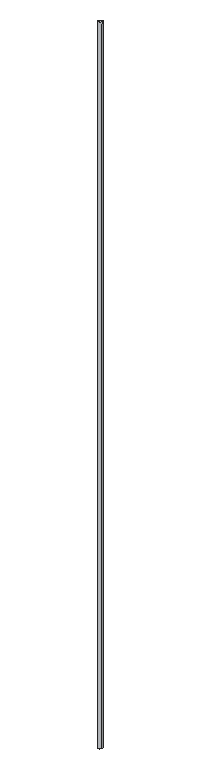
Revit family "BROD304", category Generic Models, Revit 2018
Family settings
  Can host rebar = No
  Round Connector Dimension = Use Diameter
  Part Type = Normal
  Work Plane-Based = Yes
  Always vertical = Yes
  Cut with Voids When Loaded = No
  Shared = Yes
  Room Calculation Point = No
Parameters (values of type "RRBROD3043/8")
  Type Comments = "USED IN TRAPEZE ASSEMBLIES"
  Ship Complete Level [instance] = ""
  Rod Size = 0.375"
  Rod Radius = Rod Size / 2  # 0.1875"
  Rod Material = none
  Rod Cut Length [instance] = 72.000"
  Required Date [instance] = ""
  Job [instance] = ""
  Group/Run [instance] = ""
  Description = "Bald/Slick Rod 3/8 Inch 304"
  Default Elevation = 48.000"
  Custom [instance] = ""
  Catalog Number = "RRBROD3043/8"
  Assembly Name [instance] = ""
  Assembly ID [instance] = ""
Types (2): name | Rod Size | Rod Radius | Description | Catalog Number
  RRBROD3041/2 | 0.500" | 0.250" | "Bald/Slick Rod 1/2 Inch 304" | "RRBROD3041/2"
  RRBROD3043/8 | 0.375" | 0.1875" | "Bald/Slick Rod 3/8 Inch 304" | "RRBROD3043/8"
Reference planes (in)
  plane 1 "Center (Front/Back)": y = 0
  plane 2: z = 0
  plane 3 "Center (Left/Right)": x = 0
  plane 4 "Top": z = 72
Forms (in)
  Extrusion 1, solid, material <- "Rod Material"
    sketch origin (0, 0, 0) x (1, 0, 0) y (0, 1, 0)
      loop
        circle (0, 0) r 0.1875
    from 0 to 72
Dimensions and locks (in)
  "Rod Cut Length": plane 4 "Top" to level
  "Rod Radius": radius of Extrusion 1 sketch curve
  aligned and locked: plane 2 to level
  aligned and locked: Extrusion 1 to plane 4 "Top"
Automatic sketch dimensions
  plane 1 "Center (Front/Back)" to Extrusion 1 sketch curve = 0.000"
  Extrusion 1 sketch curve to plane 3 "Center (Left/Right)" = 0.000"
